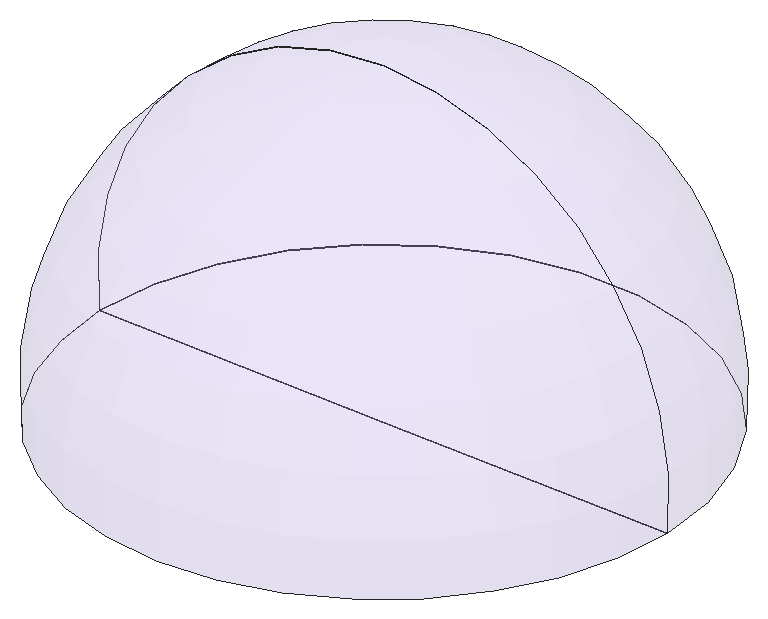
Revit family
Parameters
  Radius [instance] = 4250 mm
  Mass Material [instance] = Default Mass
  Height [instance] = 4750 mm
  Default Elevation = 1219.2 mm
Reference planes
  plane 1 "Center (Front/Back)": y = 12.955
  plane 2: z = 0
  plane 3 "Center (Left/Right)": x = -30.261
  plane 4: z = 500
  plane 5: z = 4750
  plane 6: y = 4262.955
  plane 7: x = -4280.261
  plane 8: y = -4237.045
  plane 9: x = 4219.739
Forms (mm)
  Revolve 1, solid, material "Default Mass" <- "Mass Material"
    sketch origin (0, 12.955, 0) x (1, 0, 0) y (0, 0, 1)
      loop
        line (-30.261, 0) -> (-30.261, 4750)
        arc (-30.261, 4750) -> (-3207.327, 3322.897) -> (-4250.747, 0) r 4250
        line (-4250.747, 0) -> (-30.261, 0)
      axis (-30.261, 0) -> (-30.261, 4750)
    angle from 0 to 360
Dimensions and locks
  "Radius": plane 5 to plane 4
  "Radius": plane 6 to plane 1 "Center (Front/Back)"
  "Radius": plane 3 "Center (Left/Right)" to plane 9
  "Radius": plane 7 to plane 3 "Center (Left/Right)"
  "Radius": plane 8 to plane 1 "Center (Front/Back)"
  "Height": plane 5 to plane 2
  locked: plane 2 to level
  "Radius": radius of Revolve 1 sketch curve
  aligned and locked: plane 5 to Revolve 1 sketch curve
  aligned and locked: plane 2 to Revolve 1 sketch curve
Automatic sketch dimensions
  Revolve 1 sketch curve to plane 3 "Center (Left/Right)" = 0 mm  (x2)
  Revolve 1 sketch curve to Revolve 1 sketch curve = 387.105 mm
  Revolve 1 sketch curve to Revolve 1 sketch curve = 1300 mm
